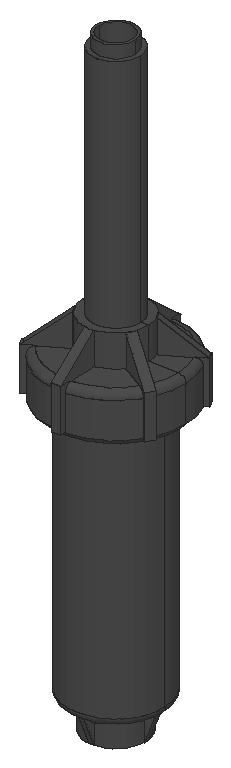
Revit family "Spray Bodies UNI-Spray Series", category Acessórios do tubo, Revit 2020
Family settings
  Cota do conector redondo = Utilizar diâmetro
  Tipo de parte = Normal
  Número OmniClass = 23.60.30.11.14
  Título OmniClass = Pipework Fittings
  Com base no plano de trabalho = Não
  Sempre na vertical = Sim
  Corte com vazios quando carregada = Não
  Compartilhado = Não
Parameters (values of type "UNI-Spray Series")
  URL = "https://www.rainbird.com/"
  SupportProjetos: Reviw Date = "15/11/2020"  # constant formula
  SupportProjetos: Reviw = "R01"  # constant formula
  SupportProjetos: Level of Detail = "LOD 300"  # constant formula
  SupportProjetos: Developed = "MICHEL SOARES MOTA"  # constant formula
  SupportProjetos: Creation Date = "19/07/2020"  # constant formula
  Side inlet = no
  RainBird: Product Link = "https://store.rainbird.com/sprinklers/spray-heads.html?sprays_sprayheadseries=117"
  RainBird: Description = "Spray Bodies UNI-Spray Series - US400 Model"
  RainBird: Comment [instance] = ""
  RT = 0.3015 cm
  RN = 1 cm
  R5 = 1 cm
  R4 = 1.25 cm
  R3 = 2 cm
  R2 = 2.85 cm
  R1 = 1 cm
  Pop up height = 10.2 cm
  Pop up on [instance] = yes
  Modelo = "US400"
  H1 = Body height / 3  # 5.0667 cm
  Elevação padrão = 0 cm
  Descrição = RainBird: Description  # "Spray Bodies UNI-Spray Series - US400 Model"
  DT8 = 0.08 cm
  DT7 = 3.05 cm
  DT6 = 2 cm
  DT5 = 0.12 cm
  DT4 = 0.5 cm
  DT3 = 0.7973 cm
  DT2 = 1 cm
  DT1 = 1.4 cm
  DD9 = 1.3673 cm
  DD8 [instance] = if(Pop up on, Pop up height, 0 cm)  # 10.2 cm
  DD7 = 0.6 cm
  DD6 = 1.5 cm
  DD5 = 2 cm
  DD3 = 3.3125 cm
  DD2 = 0.5 cm
  DD13 = 1.5 cm
  DD12 [instance] = if(Pop up on, Pop up height + 1.51 cm, 0 cm)  # 11.71 cm
  DD11 = 0.2 cm
  DD10 = 2.7818 cm
  DD1 = 1.2 cm
  Conection = 1.91 cm  # constant formula
  Body height = 15.2 cm
  Black Plastic = Black Plastic
  AA1 = 135.00°
Reference planes (cm)
  plane 1 "Centro (Frente/Trás)": y = 0
  plane 2: z = 0
  plane 3 "Centro (Esquerda/Direita)": x = 0
  plane 4: z = 0.12
  plane 5: z = 0.08
  plane 6: y = -2
Forms (cm)
  Revolve 1, solid, material "Black Plastic" <- "Black Plastic"
    sketch origin (0, 0, 0) x (1, 0, 0) y (0, 0, 1)
      loop
        line (2.85, -3.0797) -> (2.85, -1.614)
        arc (2.85, -1.614) -> (2.7617, -1.4008) -> (2.5485, -1.3125) r 0.3015
        line (2.5485, -1.3125) -> (1.35, -1.3125) -> (1.35, 0) -> (1, 0) -> (1, -10.2) -> (0.6, -10.2) -> (0.6, -14) -> (1, -14) -> (1, -15.2) -> (1.25, -15.2) -> (1.25, -14) -> (1.6985, -14)
        arc (1.6985, -14) -> (1.9117, -13.9117) -> (2, -13.6985) r 0.3015
        line (2, -13.6985) -> (2, -3.614)
        arc (2, -3.614) -> (2.0883, -3.4008) -> (2.3015, -3.3125) r 0.3015
        line (2.3015, -3.3125) -> (2.6172, -3.3125) -> (2.85, -3.0797)
      axis (0, -15.2) -> (0, 0)
    angle from 0 to 360
  Extrusion 2, solid, material "Black Plastic" <- "Black Plastic"
    sketch origin (0, 0, 0) x (1, 0, 0) y (0, 1, 0)
      loop
        circle (0, 0) r 1
    from -10.2 to 10.2
  Extrusion 3, void
    sketch origin (0, 0, 0) x (1, 0, 0) y (0, 1, 0)
      loop
        circle (0, 0) r 1
      loop
        circle (0, 0) r 0.7973
    from 9.7 to 10.2
  Extrusion 4, void
    sketch origin (0, 0, 0) x (1, 0, 0) y (0, 1, 0)
      loop
        circle (0, 0) r 0.6963
    from -10.2 to 10.2
  Extrusion 5, solid, material "Black Plastic" <- "Black Plastic"
    sketch origin (0, 0, 0) x (0, 1, 0) y (0, 0, 1)
      loop
        line (1.25, -14) -> (1.25, -15.2) -> (1.75, -14) -> (1.25, -14)
      loop
        line (-1.25, -14) -> (-1.75, -14) -> (-1.25, -15.2) -> (-1.25, -14)
    from -0.1 to 0.1
  Extrusion 6, solid, material "Black Plastic" <- "Black Plastic"
    sketch origin (0, 0, 0) x (-1, 0, 0) y (0, 0, 1)
      loop
        line (1.25, -14) -> (1.25, -15.2) -> (1.75, -14) -> (1.25, -14)
      loop
        line (-1.25, -14) -> (-1.75, -14) -> (-1.25, -15.2) -> (-1.25, -14)
    from -0.1 to 0.1
  Extrusion 7, solid, material "Black Plastic" <- "Black Plastic"
    sketch origin (0, 0, 0) x (1, 0, 0) y (0, 1, 0)
      loop
        line (-0.1873, 3.0442) -> (-0.1873, 2.5752)
        arc (-0.1873, 2.5752) -> (0.0001, 2.5778) -> (0.1873, 2.568) r 2.8188
        line (0.1873, 2.568) -> (0.1873, 3.0442)
        arc (0.1873, 3.0442) -> (0, 3.05) -> (-0.1873, 3.0442) r 3.05
      loop
        arc (-0.1873, -3.0442) -> (0, -3.05) -> (0.1873, -3.0442) r 3.05
        line (0.1873, -3.0442) -> (0.1873, -2.6307)
        arc (0.1873, -2.6307) -> (0, -2.6362) -> (-0.1873, -2.6293) r 2.8188
        line (-0.1873, -2.6293) -> (-0.1873, -3.0442)
      loop
        line (-2.73, 1.3599) -> (-2.3818, 1.1589)
        arc (-2.3818, 1.1589) -> (-2.2979, 1.3265) -> (-2.2031, 1.4882) r 2.8188
        line (-2.2031, 1.4882) -> (-2.5427, 1.6843)
        arc (-2.5427, 1.6843) -> (-2.6414, 1.525) -> (-2.73, 1.3599) r 3.05
      loop
        arc (2.5427, -1.6843) -> (2.6414, -1.525) -> (2.73, -1.3599) r 3.05
        line (2.73, -1.3599) -> (2.3847, -1.1605)
        arc (2.3847, -1.1605) -> (2.2982, -1.3268) -> (2.2008, -1.4869) r 2.8188
        line (2.2008, -1.4869) -> (2.5427, -1.6843)
      loop
        line (-2.5427, -1.6843) -> (-2.1396, -1.4516)
        arc (-2.1396, -1.4516) -> (-2.2391, -1.2928) -> (-2.3279, -1.1278) r 2.8188
        line (-2.3279, -1.1278) -> (-2.73, -1.3599)
        arc (-2.73, -1.3599) -> (-2.6414, -1.525) -> (-2.5427, -1.6843) r 3.05
      loop
        arc (2.73, 1.3599) -> (2.6414, 1.525) -> (2.5427, 1.6843) r 3.05
        line (2.5427, 1.6843) -> (2.1609, 1.4639)
        arc (2.1609, 1.4639) -> (2.2625, 1.3063) -> (2.3533, 1.1424) r 2.8188
        line (2.3533, 1.1424) -> (2.73, 1.3599)
    from -3.0797 to -1.3125
  Extrusion 8, solid, material "Black Plastic" <- "Black Plastic"
    sketch origin (0, 0, 0) x (0, 1, 0) y (0, 0, 1)
      loop
        line (1.3499, 0) -> (1.3499, -1.3492) -> (3.05, -1.3492) -> (1.3499, 0)
    from -0.1873 to 0.1873
  Extrusion 9, solid, material "Black Plastic" <- "Black Plastic"
    sketch origin (0, 0, 0) x (0, -1, 0) y (0, 0, -1)
      loop
        line (1.3499, 0) -> (3.05, 1.3492) -> (1.3499, 1.3492) -> (1.3499, 0)
    from -0.1873 to 0.1873
  Extrusion 10, solid, material "Black Plastic" <- "Black Plastic"
    sketch origin (0, 0, 0) x (-0.866025, 0.5, 0) y (0, 0, 1)
      loop
        line (1.3499, 0) -> (1.3499, -1.3492) -> (3.05, -1.3492) -> (1.3499, 0)
    from -0.1873 to 0.1873
  Extrusion 11, solid, material "Black Plastic" <- "Black Plastic"
    sketch origin (0, 0, 0) x (0.866025, -0.5, 0) y (0, 0, -1)
      loop
        line (1.3499, 0) -> (3.05, 1.3492) -> (1.3499, 1.3492) -> (1.3499, 0)
    from -0.1873 to 0.1873
  Extrusion 12, solid, material "Black Plastic" <- "Black Plastic"
    sketch origin (0, 0, 0) x (-0.866025, -0.5, 0) y (0, 0, 1)
      loop
        line (1.3499, 0) -> (1.3499, -1.3492) -> (3.05, -1.3492) -> (1.3499, 0)
    from -0.1873 to 0.1873
  Extrusion 13, solid, material "Black Plastic" <- "Black Plastic"
    sketch origin (0, 0, 0) x (0.866025, 0.5, 0) y (0, 0, -1)
      loop
        line (1.3499, 0) -> (3.05, 1.3492) -> (1.3499, 1.3492) -> (1.3499, 0)
    from -0.1873 to 0.1873
Cuts and joins
  Extrusion 3, Extrusion 4 cuts Extrusion 2
Dimensions and locks (cm)
  "Body height": level to Revolve 1 sketch curve
  "R2": Revolve 1 sketch curve to plane 3 "Centro (Esquerda/Direita)"
  "DD1": Revolve 1 sketch curve to Revolve 1 sketch curve
  "DD3": level to Revolve 1 sketch curve
  "R3": Revolve 1 sketch curve to plane 3 "Centro (Esquerda/Direita)"
  "R4": Revolve 1 sketch curve to plane 3 "Centro (Esquerda/Direita)"
  "RN": Revolve 1 sketch curve to plane 3 "Centro (Esquerda/Direita)"
  "Pop up height": level to Revolve 1 sketch curve
  "R5": plane 3 "Centro (Esquerda/Direita)" to Revolve 1 sketch curve
  "DD7": Revolve 1 sketch curve to plane 3 "Centro (Esquerda/Direita)"
  "DD8": Extrusion 2 to level
  "DT4": cut or joined group of Extrusion 2, Extrusion 3, Extrusion 4 to cut or joined group of Extrusion 2, Extrusion 3, Extrusion 4
  "DT5": plane 4 to level
  "DT8": plane 5 to level
  "R3": plane 6 to plane 1 "Centro (Frente/Trás)"
  equal spacing: Extrusion 5, plane 3 "Centro (Esquerda/Direita)", Extrusion 5
  "DD11": Extrusion 5 to Extrusion 5
  equal spacing: Extrusion 6, plane 1 "Centro (Frente/Trás)", Extrusion 6
  "DD11": Extrusion 6 to Extrusion 6
  plane 3 "Centro (Esquerda/Direita)" to Extrusion 7 = 0.1873 cm
  "DD5": Revolve 1 sketch curve to Revolve 1 sketch curve
  "DD6": Revolve 1 sketch curve to Revolve 1 sketch curve
  "RT": radius of Revolve 1 sketch curve  (x3)
  "R1": radius of Extrusion 2 sketch curve
  "R1": radius of Extrusion 3 sketch curve
  "DT3": radius of Extrusion 3 sketch curve
  "AA1": angle Revolve 1 sketch curve to Revolve 1 sketch curve
  aligned and locked: level to plane 2
  aligned and locked: Revolve 1 sketch curve to Revolve 1 sketch curve
  aligned and locked: Extrusion 2 to Revolve 1
  aligned and locked: cut or joined group of Extrusion 2, Extrusion 3, Extrusion 4 to cut or joined group of Extrusion 2, Extrusion 3, Extrusion 4  (x3)
  aligned and locked: Extrusion 5 to Revolve 1
  aligned and locked: Extrusion 6 to Revolve 1
  aligned and locked: Revolve 1 to Extrusion 6
  aligned and locked: Revolve 1 to Extrusion 5
  aligned and locked: Revolve 1 to Extrusion 7
Automatic sketch dimensions
  plane 1 "Centro (Frente/Trás)" to Extrusion 2 sketch curve = 0 cm
  Extrusion 2 sketch curve to plane 3 "Centro (Esquerda/Direita)" = 0 cm
  plane 1 "Centro (Frente/Trás)" to Extrusion 4 sketch curve = 0 cm
  Extrusion 4 sketch curve to plane 3 "Centro (Esquerda/Direita)" = 0 cm
  plane 6 to Extrusion 5 sketch curve = 0.25 cm
  plane 6 to Extrusion 5 sketch curve = 0.75 cm
  Extrusion 5 sketch curve to plane 1 "Centro (Frente/Trás)" = 1.25 cm
  Extrusion 5 sketch curve to Extrusion 5 sketch curve = 0.5 cm
  Extrusion 5 sketch curve to level = 15.2 cm
  Extrusion 5 sketch curve to Extrusion 5 sketch curve = 0 cm
  Extrusion 5 sketch curve to Extrusion 5 sketch curve = 1.2 cm  (x2)
  plane 3 "Centro (Esquerda/Direita)" to Extrusion 6 sketch curve = 1.75 cm
  plane 3 "Centro (Esquerda/Direita)" to Extrusion 6 sketch curve = 1.25 cm
  Extrusion 6 sketch curve to plane 3 "Centro (Esquerda/Direita)" = 1.25 cm
  Extrusion 6 sketch curve to Extrusion 6 sketch curve = 0.5 cm
  Extrusion 6 sketch curve to level = 15.2 cm
  Extrusion 6 sketch curve to Extrusion 6 sketch curve = 0 cm
  Extrusion 6 sketch curve to Extrusion 6 sketch curve = 1.2 cm  (x2)
  Extrusion 7 sketch curve to Extrusion 7 sketch curve = 0.1794 cm  (x6)
  Extrusion 7 sketch curve to Extrusion 7 sketch curve = 0.0182 cm  (x6)
  Extrusion 7 sketch curve to Extrusion 7 sketch curve = 0 cm  (x30)
  Extrusion 7 sketch curve to Extrusion 7 sketch curve = 0.0542 cm  (x6)
  Extrusion 7 sketch curve to Extrusion 7 sketch curve = 0.2404 cm  (x6)
  Extrusion 7 sketch curve to Extrusion 7 sketch curve = 0.1564 cm  (x6)
  Extrusion 7 sketch curve to Extrusion 7 sketch curve = 0.141 cm  (x6)
  Extrusion 7 sketch curve to Extrusion 7 sketch curve = 0.1574 cm  (x6)
  Extrusion 7 sketch curve to Extrusion 7 sketch curve = 0.0572 cm  (x6)
  Extrusion 7 sketch curve to Extrusion 7 sketch curve = 0.0108 cm  (x6)
  Extrusion 7 sketch curve to Extrusion 7 sketch curve = 0.1825 cm  (x6)
  Extrusion 7 sketch curve to Extrusion 7 sketch curve = 0.1975 cm  (x6)
  Extrusion 7 sketch curve to Extrusion 7 sketch curve = 0.1243 cm  (x6)
  Extrusion 7 sketch curve to Extrusion 7 sketch curve = 0.2336 cm
  Extrusion 7 sketch curve to Extrusion 7 sketch curve = 0.2223 cm
  Extrusion 7 sketch curve to Extrusion 7 sketch curve = 0.3358 cm
  Extrusion 7 sketch curve to Extrusion 7 sketch curve = 0.1228 cm
  Extrusion 7 sketch curve to Extrusion 7 sketch curve = 0.3369 cm
  Extrusion 7 sketch curve to Extrusion 7 sketch curve = 0.0754 cm
  Extrusion 7 sketch curve to Extrusion 7 sketch curve = 0.1686 cm
  Extrusion 7 sketch curve to Extrusion 7 sketch curve = 0.2007 cm
  Extrusion 7 sketch curve to Extrusion 7 sketch curve = 0.0181 cm
  Extrusion 7 sketch curve to Extrusion 7 sketch curve = 0.1425 cm
  Extrusion 7 sketch curve to Extrusion 7 sketch curve = 0.1022 cm
  Extrusion 7 sketch curve to Extrusion 7 sketch curve = 0.0994 cm
  Extrusion 7 sketch curve to Extrusion 7 sketch curve = 0.1033 cm
  Extrusion 7 sketch curve to Extrusion 7 sketch curve = 0.2977 cm
  Extrusion 7 sketch curve to Extrusion 7 sketch curve = 0.065 cm
  Extrusion 7 sketch curve to Extrusion 7 sketch curve = 0.423 cm
  Extrusion 7 sketch curve to Extrusion 7 sketch curve = 0.2517 cm
  Extrusion 7 sketch curve to Extrusion 7 sketch curve = 0.3648 cm
  Extrusion 7 sketch curve to Extrusion 7 sketch curve = 0.0011 cm
  Extrusion 7 sketch curve to Extrusion 7 sketch curve = 0.1982 cm
  Extrusion 7 sketch curve to Extrusion 7 sketch curve = 0.1672 cm
  Extrusion 7 sketch curve to Extrusion 7 sketch curve = 0.3236 cm
  Extrusion 7 sketch curve to Extrusion 7 sketch curve = 0.3539 cm
  Extrusion 7 sketch curve to Extrusion 7 sketch curve = 0.2653 cm
  Extrusion 7 sketch curve to Extrusion 7 sketch curve = 0.1682 cm
  Extrusion 7 sketch curve to Extrusion 7 sketch curve = 0.1253 cm
  Extrusion 7 sketch curve to Extrusion 7 sketch curve = 0.355 cm
  Extrusion 7 sketch curve to Extrusion 7 sketch curve = 0.0671 cm
  Extrusion 7 sketch curve to Extrusion 7 sketch curve = 0.1867 cm
  Extrusion 7 sketch curve to Extrusion 7 sketch curve = 0.0582 cm
  plane 1 "Centro (Frente/Trás)" to Extrusion 7 sketch curve = 0 cm
  Extrusion 7 sketch curve to plane 3 "Centro (Esquerda/Direita)" = 0 cm
  Extrusion 7 sketch curve to plane 3 "Centro (Esquerda/Direita)" = 0.1873 cm  (x2)
  Extrusion 7 sketch curve to plane 3 "Centro (Esquerda/Direita)" = 2.2031 cm
  plane 6 to Extrusion 7 sketch curve = 0.5484 cm
  Extrusion 7 sketch curve to plane 3 "Centro (Esquerda/Direita)" = 2.1396 cm
  plane 6 to Extrusion 7 sketch curve = 0.8722 cm
  Extrusion 7 sketch curve to plane 1 "Centro (Frente/Trás)" = 1.1589 cm
  Extrusion 7 sketch curve to Extrusion 7 sketch curve = 0.1788 cm
  plane 6 to Extrusion 7 sketch curve = 0.3157 cm  (x2)
  Extrusion 7 sketch curve to Extrusion 7 sketch curve = 0.4031 cm
  Extrusion 7 sketch curve to Extrusion 7 sketch curve = 0.3397 cm
  Extrusion 7 sketch curve to plane 1 "Centro (Frente/Trás)" = 1.3599 cm  (x2)
  Extrusion 7 sketch curve to Extrusion 7 sketch curve = 0.3482 cm
  plane 6 to Extrusion 7 sketch curve = 0.6401 cm  (x2)
  plane 3 "Centro (Esquerda/Direita)" to Extrusion 7 sketch curve = 0.1873 cm  (x2)
  plane 3 "Centro (Esquerda/Direita)" to Extrusion 7 sketch curve = 2.1609 cm
  plane 6 to Extrusion 7 sketch curve = 0.5131 cm
  plane 3 "Centro (Esquerda/Direita)" to Extrusion 7 sketch curve = 2.2008 cm
  plane 6 to Extrusion 7 sketch curve = 0.8395 cm
  Extrusion 7 sketch curve to plane 1 "Centro (Frente/Trás)" = 1.1424 cm
  Extrusion 7 sketch curve to Extrusion 7 sketch curve = 0.1924 cm
  Extrusion 7 sketch curve to Extrusion 7 sketch curve = 0.342 cm
  Extrusion 7 sketch curve to Extrusion 7 sketch curve = 0.3818 cm
  Extrusion 7 sketch curve to Extrusion 7 sketch curve = 0.3767 cm
  Extrusion 7 sketch curve to plane 6 = 0.6307 cm
  Extrusion 7 sketch curve to Extrusion 7 sketch curve = 0.415 cm
  Extrusion 7 sketch curve to Extrusion 7 sketch curve = 1.087 cm
  Extrusion 7 sketch curve to Extrusion 7 sketch curve = 0.4763 cm
  level to Extrusion 8 sketch curve = 0 cm
  Extrusion 8 sketch curve to plane 1 "Centro (Frente/Trás)" = 1.3499 cm
  Extrusion 8 sketch curve to Extrusion 8 sketch curve = 1.7001 cm
  Extrusion 8 sketch curve to level = 1.3492 cm
  Extrusion 9 sketch curve to level = 0 cm
  Extrusion 9 sketch curve to plane 6 = 0.6501 cm
  plane 6 to Extrusion 9 sketch curve = 1.05 cm
  level to Extrusion 9 sketch curve = 1.3492 cm
  level to Extrusion 10 sketch curve = 0 cm
  Extrusion 10 sketch curve to Extrusion 10 sketch curve = 1.7001 cm
  Extrusion 10 sketch curve to level = 1.3492 cm
  level to Extrusion 11 sketch curve = 0 cm
  Extrusion 11 sketch curve to Extrusion 11 sketch curve = 1.7001 cm
  Extrusion 11 sketch curve to level = 1.3492 cm
  level to Extrusion 12 sketch curve = 0 cm
  Extrusion 12 sketch curve to Extrusion 12 sketch curve = 1.7001 cm
  Extrusion 12 sketch curve to level = 1.3492 cm
  level to Extrusion 13 sketch curve = 0 cm
  Extrusion 13 sketch curve to Extrusion 13 sketch curve = 1.7001 cm
  Extrusion 13 sketch curve to level = 1.3492 cm
  Revolve 1 sketch curve to plane 3 "Centro (Esquerda/Direita)" = 0 cm
  Revolve 1 sketch curve to level = 0 cm
  Revolve 1 sketch curve to Revolve 1 sketch curve = 0.3157 cm
  plane 4 to Revolve 1 sketch curve = 2.4185 cm
  Revolve 1 sketch curve to Revolve 1 sketch curve = 28 cm
  Extrusion 3 sketch curve to Extrusion 3 sketch curve = 0 cm  (x2)
  plane 1 "Centro (Frente/Trás)" to Extrusion 3 sketch curve = 0 cm
  Extrusion 3 sketch curve to plane 3 "Centro (Esquerda/Direita)" = 0 cm
  radius of Extrusion 4 sketch curve = 0.6963 cm
Connectors (cm)
  piping at (0, 0, -14), diameter 1.91, driven by "Conection"
    settings: on Revolve 1, index 3, connector inside diameter 609.6 mm, connector length 0 cm, flow factor 0, pipe flow 0.0 L/s, pressure drop 0.0 Pa, fitting loss kfactor 0, connector angle 0.00°, fixture units 0, engagement length 0 cm, angle of deflection 0.00°, flow configuration 0, flow direction 0, fitting loss method 0, system type 20, joint type 0, gender type 0, connector reference index -1, connector utility 0, adjustable connector no, is connector primary yes, connector description ""
  piping at (0, 0, 10.2), diameter 60.96
    settings: on cut or joined group of Extrusion 2, Extrusion 3, Extrusion 4, index 4, connector inside diameter 609.6 mm, connector length 0 cm, flow factor 0, pipe flow 0.0 L/s, pressure drop 0.0 Pa, fitting loss kfactor 0, connector angle 0.00°, fixture units 0, engagement length 0 cm, angle of deflection 0.00°, flow configuration 0, flow direction 0, fitting loss method 0, system type 28, joint type 0, gender type 0, connector reference index -1, connector utility 0, adjustable connector no, is connector primary no, connector description ""
